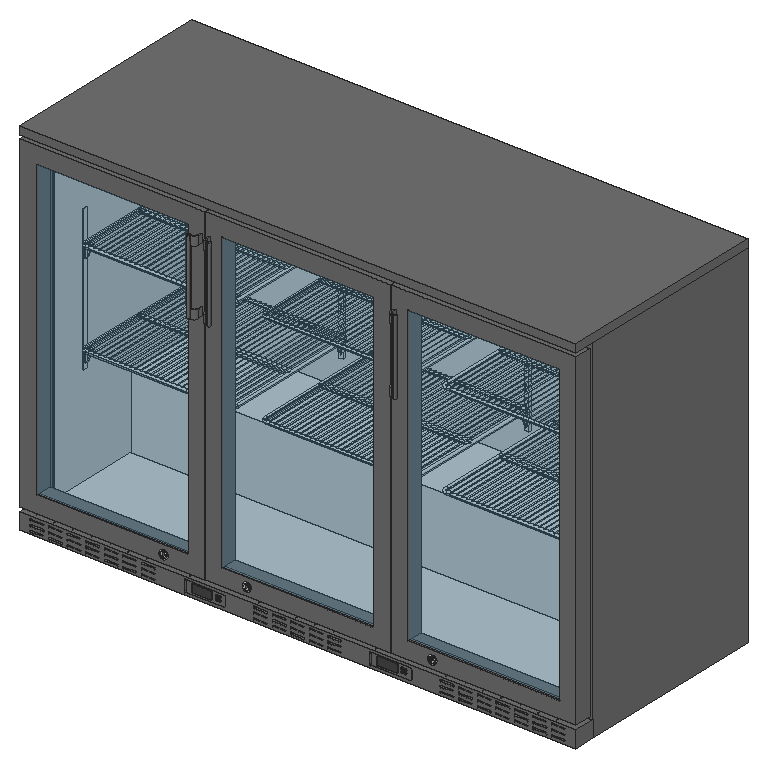
Revit family "QF_KOLDBOX_KBC3_240315015508", category Specialty Equipment, Revit 2021 (continued)
Definition of nested family "QF_KOLDBOX_KBC3_2861"
  Forms (mm)
    Extrusion 89, solid
      sketch origin (-409.25, -1663.773, -467.071) x (0, -1, 0) y (0, 0, 1)
        loop
          line (-1608.773, 812.071) -> (-1593.825, 844.071) -> (-1608.773, 844.071) -> (-1608.773, 812.071)
      from -1264.75 to -1262.75
    Extrusion 90, solid
      sketch origin (466.867, -50, -228.606) x (-1, 0, 0) y (0, 0, -1)
        loop
          line (-382.633, -605.606) -> (-382.633, -573.606) -> (-392.633, -573.606) -> (-392.633, -605.606) -> (-382.633, -605.606)
      from 0 to 5
    Sweep 91, solid
      path origin (487.141, -109.803, 607.382) x (1, 0, 0) y (0, 1, 0)
        loop
          arc (17.859, 55.803) -> (9.373, 52.288) -> (5.859, 43.803) r 12
          line (5.859, 43.803) -> (5.859, -278.83)
          arc (5.859, -278.83) -> (9.373, -287.316) -> (17.859, -290.83) r 12
          line (17.859, -290.83) -> (358.859, -290.83)
          arc (358.859, -290.83) -> (367.344, -287.316) -> (370.859, -278.83) r 12
          line (370.859, -278.83) -> (370.859, 43.803)
          arc (370.859, 43.803) -> (367.344, 52.288) -> (358.859, 55.803) r 12
          line (358.859, 55.803) -> (17.859, 55.803)
      profile origin (675.5, -54, 607.382) x (0, 1, 0) y (0, 0, 1)
        loop
          circle (0, 0) r 3.5
    Extrusion 92, solid
      sketch origin (485, -109.803, 607.382) x (1, 0, 0) y (0, 0, 1)
        loop
          circle (13.5, 4.5) r 1
        loop
          circle (26, 4.5) r 1
        loop
          circle (38.5, 4.5) r 1
        loop
          circle (51, 4.5) r 1
        loop
          circle (63.5, 4.5) r 1
        loop
          circle (76, 4.5) r 1
        loop
          circle (88.5, 4.5) r 1
        loop
          circle (101, 4.5) r 1
        loop
          circle (113.5, 4.5) r 1
        loop
          circle (126, 4.5) r 1
        loop
          circle (138.5, 4.5) r 1
        loop
          circle (151, 4.5) r 1
        loop
          circle (163.5, 4.5) r 1
        loop
          circle (176, 4.5) r 1
        loop
          circle (188.5, 4.5) r 1
        loop
          circle (201, 4.5) r 1
        loop
          circle (213.5, 4.5) r 1
        loop
          circle (226, 4.5) r 1
        loop
          circle (238.5, 4.5) r 1
        loop
          circle (251, 4.5) r 1
        loop
          circle (263.5, 4.5) r 1
        loop
          circle (276, 4.5) r 1
        loop
          circle (288.5, 4.5) r 1
        loop
          circle (301, 4.5) r 1
        loop
          circle (313.5, 4.5) r 1
        loop
          circle (326, 4.5) r 1
        loop
          circle (338.5, 4.5) r 1
        loop
          circle (351, 4.5) r 1
        loop
          circle (363.5, 4.5) r 1
      from -55.803 to 290.83
    Extrusion 93, solid
      sketch origin (493, -15.816, 607.382) x (0, 1, 0) y (0, 0, 1)
        loop
          circle (-211.5, 0) r 3.5
      from 0 to 365
    Sweep 94, solid
      path origin (487.141, -109.803, 379.382) x (1, 0, 0) y (0, 1, 0)
        loop
          arc (17.859, 55.803) -> (9.373, 52.288) -> (5.859, 43.803) r 12
          line (5.859, 43.803) -> (5.859, -278.83)
          arc (5.859, -278.83) -> (9.373, -287.316) -> (17.859, -290.83) r 12
          line (17.859, -290.83) -> (358.859, -290.83)
          arc (358.859, -290.83) -> (367.344, -287.316) -> (370.859, -278.83) r 12
          line (370.859, -278.83) -> (370.859, 43.803)
          arc (370.859, 43.803) -> (367.344, 52.288) -> (358.859, 55.803) r 12
          line (358.859, 55.803) -> (17.859, 55.803)
      profile origin (675.5, -54, 379.382) x (0, 1, 0) y (0, 0, 1)
        loop
          circle (0, 0) r 3.5
    Extrusion 95, solid
      sketch origin (493, -15.816, 379.382) x (0, 1, 0) y (0, 0, 1)
        loop
          circle (-211.5, 0) r 3.5
      from 0 to 365
    Extrusion 96, solid
      sketch origin (485, -109.803, 379.382) x (1, 0, 0) y (0, 0, 1)
        loop
          circle (13.5, 4.5) r 1
        loop
          circle (26, 4.5) r 1
        loop
          circle (38.5, 4.5) r 1
        loop
          circle (51, 4.5) r 1
        loop
          circle (63.5, 4.5) r 1
        loop
          circle (76, 4.5) r 1
        loop
          circle (88.5, 4.5) r 1
        loop
          circle (101, 4.5) r 1
        loop
          circle (113.5, 4.5) r 1
        loop
          circle (126, 4.5) r 1
        loop
          circle (138.5, 4.5) r 1
        loop
          circle (151, 4.5) r 1
        loop
          circle (163.5, 4.5) r 1
        loop
          circle (176, 4.5) r 1
        loop
          circle (188.5, 4.5) r 1
        loop
          circle (201, 4.5) r 1
        loop
          circle (213.5, 4.5) r 1
        loop
          circle (226, 4.5) r 1
        loop
          circle (238.5, 4.5) r 1
        loop
          circle (251, 4.5) r 1
        loop
          circle (263.5, 4.5) r 1
        loop
          circle (276, 4.5) r 1
        loop
          circle (288.5, 4.5) r 1
        loop
          circle (301, 4.5) r 1
        loop
          circle (313.5, 4.5) r 1
        loop
          circle (326, 4.5) r 1
        loop
          circle (338.5, 4.5) r 1
        loop
          circle (351, 4.5) r 1
        loop
          circle (363.5, 4.5) r 1
      from -55.803 to 290.83
    Extrusion 97, solid
      sketch origin (0, -480, 0) x (1, 0, 0) y (0, 0, 1)
        loop
          line (0, 60) -> (0, 20) -> (1350, 20) -> (1350, 60) -> (0, 60)
        loop
          arc (27.5, 55) -> (25, 52.5) -> (27.5, 50) r 2.5
          line (27.5, 50) -> (57.5, 50)
          arc (57.5, 50) -> (60, 52.5) -> (57.5, 55) r 2.5
          line (57.5, 55) -> (27.5, 55)
        loop
          line (27.5, 25) -> (57.5, 25)
          arc (57.5, 25) -> (60, 27.5) -> (57.5, 30) r 2.5
          line (57.5, 30) -> (27.5, 30)
          arc (27.5, 30) -> (25, 27.5) -> (27.5, 25) r 2.5
        loop
          line (27.5, 37.5) -> (57.5, 37.5)
          arc (57.5, 37.5) -> (60, 40) -> (57.5, 42.5) r 2.5
          line (57.5, 42.5) -> (27.5, 42.5)
          arc (27.5, 42.5) -> (25, 40) -> (27.5, 37.5) r 2.5
        loop
          arc (400, 28) -> (400.879, 25.879) -> (403, 25) r 3
          line (403, 25) -> (497, 25)
          arc (497, 25) -> (499.121, 25.879) -> (500, 28) r 3
          line (500, 28) -> (500, 52)
          arc (500, 52) -> (499.121, 54.121) -> (497, 55) r 3
          line (497, 55) -> (403, 55)
          arc (403, 55) -> (400.879, 54.121) -> (400, 52) r 3
          line (400, 52) -> (400, 28)
        loop
          arc (72.5, 55) -> (70, 52.5) -> (72.5, 50) r 2.5
          line (72.5, 50) -> (102.5, 50)
          arc (102.5, 50) -> (105, 52.5) -> (102.5, 55) r 2.5
          line (102.5, 55) -> (72.5, 55)
        loop
          line (72.5, 25) -> (102.5, 25)
          arc (102.5, 25) -> (105, 27.5) -> (102.5, 30) r 2.5
          line (102.5, 30) -> (72.5, 30)
          arc (72.5, 30) -> (70, 27.5) -> (72.5, 25) r 2.5
        loop
          line (72.5, 37.5) -> (102.5, 37.5)
          arc (102.5, 37.5) -> (105, 40) -> (102.5, 42.5) r 2.5
          line (102.5, 42.5) -> (72.5, 42.5)
          arc (72.5, 42.5) -> (70, 40) -> (72.5, 37.5) r 2.5
        loop
          arc (117.5, 55) -> (115, 52.5) -> (117.5, 50) r 2.5
          line (117.5, 50) -> (147.5, 50)
          arc (147.5, 50) -> (150, 52.5) -> (147.5, 55) r 2.5
          line (147.5, 55) -> (117.5, 55)
        loop
          line (117.5, 25) -> (147.5, 25)
          arc (147.5, 25) -> (150, 27.5) -> (147.5, 30) r 2.5
          line (147.5, 30) -> (117.5, 30)
          arc (117.5, 30) -> (115, 27.5) -> (117.5, 25) r 2.5
        loop
          line (117.5, 37.5) -> (147.5, 37.5)
          arc (147.5, 37.5) -> (150, 40) -> (147.5, 42.5) r 2.5
          line (147.5, 42.5) -> (117.5, 42.5)
          arc (117.5, 42.5) -> (115, 40) -> (117.5, 37.5) r 2.5
        loop
          arc (162.5, 55) -> (160, 52.5) -> (162.5, 50) r 2.5
          line (162.5, 50) -> (192.5, 50)
          arc (192.5, 50) -> (195, 52.5) -> (192.5, 55) r 2.5
          line (192.5, 55) -> (162.5, 55)
        loop
          line (162.5, 25) -> (192.5, 25)
          arc (192.5, 25) -> (195, 27.5) -> (192.5, 30) r 2.5
          line (192.5, 30) -> (162.5, 30)
          arc (162.5, 30) -> (160, 27.5) -> (162.5, 25) r 2.5
        loop
          line (162.5, 37.5) -> (192.5, 37.5)
          arc (192.5, 37.5) -> (195, 40) -> (192.5, 42.5) r 2.5
          line (192.5, 42.5) -> (162.5, 42.5)
          arc (162.5, 42.5) -> (160, 40) -> (162.5, 37.5) r 2.5
        loop
          arc (850, 28) -> (850.879, 25.879) -> (853, 25) r 3
          line (853, 25) -> (947, 25)
          arc (947, 25) -> (949.121, 25.879) -> (950, 28) r 3
          line (950, 28) -> (950, 52)
          arc (950, 52) -> (949.121, 54.121) -> (947, 55) r 3
          line (947, 55) -> (853, 55)
          arc (853, 55) -> (850.879, 54.121) -> (850, 52) r 3
          line (850, 52) -> (850, 28)
        loop
          arc (207.5, 55) -> (205, 52.5) -> (207.5, 50) r 2.5
          line (207.5, 50) -> (237.5, 50)
          arc (237.5, 50) -> (240, 52.5) -> (237.5, 55) r 2.5
          line (237.5, 55) -> (207.5, 55)
        loop
          line (207.5, 25) -> (237.5, 25)
          arc (237.5, 25) -> (240, 27.5) -> (237.5, 30) r 2.5
          line (237.5, 30) -> (207.5, 30)
          arc (207.5, 30) -> (205, 27.5) -> (207.5, 25) r 2.5
        loop
          line (207.5, 37.5) -> (237.5, 37.5)
          arc (237.5, 37.5) -> (240, 40) -> (237.5, 42.5) r 2.5
          line (237.5, 42.5) -> (207.5, 42.5)
          arc (207.5, 42.5) -> (205, 40) -> (207.5, 37.5) r 2.5
        loop
          arc (252.5, 55) -> (250, 52.5) -> (252.5, 50) r 2.5
          line (252.5, 50) -> (282.5, 50)
          arc (282.5, 50) -> (285, 52.5) -> (282.5, 55) r 2.5
          line (282.5, 55) -> (252.5, 55)
        loop
          line (252.5, 25) -> (282.5, 25)
          arc (282.5, 25) -> (285, 27.5) -> (282.5, 30) r 2.5
          line (282.5, 30) -> (252.5, 30)
          arc (252.5, 30) -> (250, 27.5) -> (252.5, 25) r 2.5
        loop
          line (252.5, 37.5) -> (282.5, 37.5)
          arc (282.5, 37.5) -> (285, 40) -> (282.5, 42.5) r 2.5
          line (282.5, 42.5) -> (252.5, 42.5)
          arc (252.5, 42.5) -> (250, 40) -> (252.5, 37.5) r 2.5
        loop
          arc (297.5, 55) -> (295, 52.5) -> (297.5, 50) r 2.5
          line (297.5, 50) -> (327.5, 50)
          arc (327.5, 50) -> (330, 52.5) -> (327.5, 55) r 2.5
          line (327.5, 55) -> (297.5, 55)
        loop
          line (297.5, 25) -> (327.5, 25)
          arc (327.5, 25) -> (330, 27.5) -> (327.5, 30) r 2.5
          line (327.5, 30) -> (297.5, 30)
          arc (297.5, 30) -> (295, 27.5) -> (297.5, 25) r 2.5
        loop
          line (297.5, 37.5) -> (327.5, 37.5)
          arc (327.5, 37.5) -> (330, 40) -> (327.5, 42.5) r 2.5
          line (327.5, 42.5) -> (297.5, 42.5)
          arc (297.5, 42.5) -> (295, 40) -> (297.5, 37.5) r 2.5
        loop
          line (1322.5, 55) -> (1292.5, 55)
          arc (1292.5, 55) -> (1290, 52.5) -> (1292.5, 50) r 2.5
          line (1292.5, 50) -> (1322.5, 50)
          arc (1322.5, 50) -> (1325, 52.5) -> (1322.5, 55) r 2.5
        loop
          arc (1322.5, 25) -> (1325, 27.5) -> (1322.5, 30) r 2.5
          line (1322.5, 30) -> (1292.5, 30)
          arc (1292.5, 30) -> (1290, 27.5) -> (1292.5, 25) r 2.5
          line (1292.5, 25) -> (1322.5, 25)
        loop
          arc (1322.5, 37.5) -> (1325, 40) -> (1322.5, 42.5) r 2.5
          line (1322.5, 42.5) -> (1292.5, 42.5)
          arc (1292.5, 42.5) -> (1290, 40) -> (1292.5, 37.5) r 2.5
          line (1292.5, 37.5) -> (1322.5, 37.5)
        loop
          line (1277.5, 55) -> (1247.5, 55)
          arc (1247.5, 55) -> (1245, 52.5) -> (1247.5, 50) r 2.5
          line (1247.5, 50) -> (1277.5, 50)
          arc (1277.5, 50) -> (1280, 52.5) -> (1277.5, 55) r 2.5
        loop
          arc (1277.5, 25) -> (1280, 27.5) -> (1277.5, 30) r 2.5
          line (1277.5, 30) -> (1247.5, 30)
          arc (1247.5, 30) -> (1245, 27.5) -> (1247.5, 25) r 2.5
          line (1247.5, 25) -> (1277.5, 25)
        loop
          arc (1277.5, 37.5) -> (1280, 40) -> (1277.5, 42.5) r 2.5
          line (1277.5, 42.5) -> (1247.5, 42.5)
          arc (1247.5, 42.5) -> (1245, 40) -> (1247.5, 37.5) r 2.5
          line (1247.5, 37.5) -> (1277.5, 37.5)
        loop
          line (1232.5, 55) -> (1202.5, 55)
          arc (1202.5, 55) -> (1200, 52.5) -> (1202.5, 50) r 2.5
          line (1202.5, 50) -> (1232.5, 50)
          arc (1232.5, 50) -> (1235, 52.5) -> (1232.5, 55) r 2.5
        loop
          arc (1232.5, 25) -> (1235, 27.5) -> (1232.5, 30) r 2.5
          line (1232.5, 30) -> (1202.5, 30)
          arc (1202.5, 30) -> (1200, 27.5) -> (1202.5, 25) r 2.5
          line (1202.5, 25) -> (1232.5, 25)
        loop
          arc (1232.5, 37.5) -> (1235, 40) -> (1232.5, 42.5) r 2.5
          line (1232.5, 42.5) -> (1202.5, 42.5)
          arc (1202.5, 42.5) -> (1200, 40) -> (1202.5, 37.5) r 2.5
          line (1202.5, 37.5) -> (1232.5, 37.5)
        loop
          line (1187.5, 55) -> (1157.5, 55)
          arc (1157.5, 55) -> (1155, 52.5) -> (1157.5, 50) r 2.5
          line (1157.5, 50) -> (1187.5, 50)
          arc (1187.5, 50) -> (1190, 52.5) -> (1187.5, 55) r 2.5
        loop
          arc (1187.5, 25) -> (1190, 27.5) -> (1187.5, 30) r 2.5
          line (1187.5, 30) -> (1157.5, 30)
          arc (1157.5, 30) -> (1155, 27.5) -> (1157.5, 25) r 2.5
          line (1157.5, 25) -> (1187.5, 25)
        loop
          arc (1187.5, 37.5) -> (1190, 40) -> (1187.5, 42.5) r 2.5
          line (1187.5, 42.5) -> (1157.5, 42.5)
          arc (1157.5, 42.5) -> (1155, 40) -> (1157.5, 37.5) r 2.5
          line (1157.5, 37.5) -> (1187.5, 37.5)
        loop
          line (1142.5, 55) -> (1112.5, 55)
          arc (1112.5, 55) -> (1110, 52.5) -> (1112.5, 50) r 2.5
          line (1112.5, 50) -> (1142.5, 50)
          arc (1142.5, 50) -> (1145, 52.5) -> (1142.5, 55) r 2.5
        loop
          arc (1142.5, 25) -> (1145, 27.5) -> (1142.5, 30) r 2.5
          line (1142.5, 30) -> (1112.5, 30)
          arc (1112.5, 30) -> (1110, 27.5) -> (1112.5, 25) r 2.5
          line (1112.5, 25) -> (1142.5, 25)
        loop
          arc (1142.5, 37.5) -> (1145, 40) -> (1142.5, 42.5) r 2.5
          line (1142.5, 42.5) -> (1112.5, 42.5)
          arc (1112.5, 42.5) -> (1110, 40) -> (1112.5, 37.5) r 2.5
          line (1112.5, 37.5) -> (1142.5, 37.5)
        loop
          line (1097.5, 55) -> (1067.5, 55)
          arc (1067.5, 55) -> (1065, 52.5) -> (1067.5, 50) r 2.5
          line (1067.5, 50) -> (1097.5, 50)
          arc (1097.5, 50) -> (1100, 52.5) -> (1097.5, 55) r 2.5
        loop
          arc (1097.5, 25) -> (1100, 27.5) -> (1097.5, 30) r 2.5
          line (1097.5, 30) -> (1067.5, 30)
          arc (1067.5, 30) -> (1065, 27.5) -> (1067.5, 25) r 2.5
          line (1067.5, 25) -> (1097.5, 25)
        loop
          arc (1097.5, 37.5) -> (1100, 40) -> (1097.5, 42.5) r 2.5
          line (1097.5, 42.5) -> (1067.5, 42.5)
          arc (1067.5, 42.5) -> (1065, 40) -> (1067.5, 37.5) r 2.5
          line (1067.5, 37.5) -> (1097.5, 37.5)
        loop
          line (1052.5, 55) -> (1022.5, 55)
          arc (1022.5, 55) -> (1020, 52.5) -> (1022.5, 50) r 2.5
          line (1022.5, 50) -> (1052.5, 50)
          arc (1052.5, 50) -> (1055, 52.5) -> (1052.5, 55) r 2.5
        loop
          arc (1052.5, 25) -> (1055, 27.5) -> (1052.5, 30) r 2.5
          line (1052.5, 30) -> (1022.5, 30)
          arc (1022.5, 30) -> (1020, 27.5) -> (1022.5, 25) r 2.5
          line (1022.5, 25) -> (1052.5, 25)
        loop
          arc (1052.5, 37.5) -> (1055, 40) -> (1052.5, 42.5) r 2.5
          line (1052.5, 42.5) -> (1022.5, 42.5)
          arc (1022.5, 42.5) -> (1020, 40) -> (1022.5, 37.5) r 2.5
          line (1022.5, 37.5) -> (1052.5, 37.5)
        loop
          line (780, 55) -> (750, 55)
          arc (750, 55) -> (747.5, 52.5) -> (750, 50) r 2.5
          line (750, 50) -> (780, 50)
          arc (780, 50) -> (782.5, 52.5) -> (780, 55) r 2.5
        loop
          arc (780, 25) -> (782.5, 27.5) -> (780, 30) r 2.5
          line (780, 30) -> (750, 30)
          arc (750, 30) -> (747.5, 27.5) -> (750, 25) r 2.5
          line (750, 25) -> (780, 25)
        loop
          arc (780, 37.5) -> (782.5, 40) -> (780, 42.5) r 2.5
          line (780, 42.5) -> (750, 42.5)
          arc (750, 42.5) -> (747.5, 40) -> (750, 37.5) r 2.5
          line (750, 37.5) -> (780, 37.5)
        loop
          line (735, 55) -> (705, 55)
          arc (705, 55) -> (702.5, 52.5) -> (705, 50) r 2.5
          line (705, 50) -> (735, 50)
          arc (735, 50) -> (737.5, 52.5) -> (735, 55) r 2.5
        loop
          arc (735, 25) -> (737.5, 27.5) -> (735, 30) r 2.5
          line (735, 30) -> (705, 30)
          arc (705, 30) -> (702.5, 27.5) -> (705, 25) r 2.5
          line (705, 25) -> (735, 25)
        loop
          arc (735, 37.5) -> (737.5, 40) -> (735, 42.5) r 2.5
          line (735, 42.5) -> (705, 42.5)
          arc (705, 42.5) -> (702.5, 40) -> (705, 37.5) r 2.5
          line (705, 37.5) -> (735, 37.5)
        loop
          line (690, 55) -> (660, 55)
          arc (660, 55) -> (657.5, 52.5) -> (660, 50) r 2.5
          line (660, 50) -> (690, 50)
          arc (690, 50) -> (692.5, 52.5) -> (690, 55) r 2.5
        loop
          arc (690, 25) -> (692.5, 27.5) -> (690, 30) r 2.5
          line (690, 30) -> (660, 30)
          arc (660, 30) -> (657.5, 27.5) -> (660, 25) r 2.5
          line (660, 25) -> (690, 25)
        loop
          arc (690, 37.5) -> (692.5, 40) -> (690, 42.5) r 2.5
          line (690, 42.5) -> (660, 42.5)
          arc (660, 42.5) -> (657.5, 40) -> (660, 37.5) r 2.5
          line (660, 37.5) -> (690, 37.5)
        loop
          line (645, 55) -> (615, 55)
          arc (615, 55) -> (612.5, 52.5) -> (615, 50) r 2.5
          line (615, 50) -> (645, 50)
          arc (645, 50) -> (647.5, 52.5) -> (645, 55) r 2.5
        loop
          arc (645, 25) -> (647.5, 27.5) -> (645, 30) r 2.5
          line (645, 30) -> (615, 30)
          arc (615, 30) -> (612.5, 27.5) -> (615, 25) r 2.5
          line (615, 25) -> (645, 25)
        loop
          arc (645, 37.5) -> (647.5, 40) -> (645, 42.5) r 2.5
          line (645, 42.5) -> (615, 42.5)
          arc (615, 42.5) -> (612.5, 40) -> (615, 37.5) r 2.5
          line (615, 37.5) -> (645, 37.5)
        loop
          line (600, 55) -> (570, 55)
          arc (570, 55) -> (567.5, 52.5) -> (570, 50) r 2.5
          line (570, 50) -> (600, 50)
          arc (600, 50) -> (602.5, 52.5) -> (600, 55) r 2.5
        loop
          arc (600, 25) -> (602.5, 27.5) -> (600, 30) r 2.5
          line (600, 30) -> (570, 30)
          arc (570, 30) -> (567.5, 27.5) -> (570, 25) r 2.5
          line (570, 25) -> (600, 25)
        loop
          arc (600, 37.5) -> (602.5, 40) -> (600, 42.5) r 2.5
          line (600, 42.5) -> (570, 42.5)
          arc (570, 42.5) -> (567.5, 40) -> (570, 37.5) r 2.5
          line (570, 37.5) -> (600, 37.5)
      from -10 to 40
    Extrusion 98, solid
      sketch origin (150, -471, 0) x (1, 0, 0) y (0, 0, 1)
        loop
          arc (250, 28) -> (250.879, 25.879) -> (253, 25) r 3
          line (253, 25) -> (347, 25)
          arc (347, 25) -> (349.121, 25.879) -> (350, 28) r 3
          line (350, 28) -> (350, 52)
          arc (350, 52) -> (349.121, 54.121) -> (347, 55) r 3
          line (347, 55) -> (253, 55)
          arc (253, 55) -> (250.879, 54.121) -> (250, 52) r 3
          line (250, 52) -> (250, 28)
      from -1 to 45
    Extrusion 99, solid
      sketch origin (170, -516, 0) x (1, 0, 0) y (0, 0, 1)
        loop
          arc (230, 28) -> (230.879, 25.879) -> (233, 25) r 3
          line (233, 25) -> (327, 25)
          arc (327, 25) -> (329.121, 25.879) -> (330, 28) r 3
          line (330, 28) -> (330, 52)
          arc (330, 52) -> (329.121, 54.121) -> (327, 55) r 3
          line (327, 55) -> (233, 55)
          arc (233, 55) -> (230.879, 54.121) -> (230, 52) r 3
          line (230, 52) -> (230, 28)
        loop
          circle (313.728, 36.25) r 2.5
        loop
          circle (306.228, 43.75) r 2.5
        loop
          line (295, 33) -> (295, 47)
          arc (295, 47) -> (294.121, 49.121) -> (292, 50) r 3
          line (292, 50) -> (248, 50)
          arc (248, 50) -> (245.879, 49.121) -> (245, 47) r 3
          line (245, 47) -> (245, 33)
          arc (245, 33) -> (245.879, 30.879) -> (248, 30) r 3
          line (248, 30) -> (292, 30)
          arc (292, 30) -> (294.121, 30.879) -> (295, 33) r 3
        loop
          circle (313.728, 43.75) r 2.5
        loop
          circle (306.228, 36.25) r 2.5
      from 0 to 2
    Extrusion 100, solid
      sketch origin (177.5, -516, 0) x (1, 0, 0) y (0, 0, 1)
        loop
          circle (306.228, 43.75) r 2.5
      from 0 to 2
    Extrusion 101, solid
      sketch origin (170, -516, -7.5) x (1, 0, 0) y (0, 0, 1)
        loop
          circle (306.228, 43.75) r 2.5
      from 0 to 2
    Extrusion 102, solid
      sketch origin (131.065, -516, 0) x (1, 0, 0) y (0, 0, 1)
        loop
          arc (286.935, 50) -> (284.813, 49.121) -> (283.935, 47) r 3
          line (283.935, 47) -> (283.935, 33)
          arc (283.935, 33) -> (284.813, 30.879) -> (286.935, 30) r 3
          line (286.935, 30) -> (330.935, 30)
          arc (330.935, 30) -> (333.056, 30.879) -> (333.935, 33) r 3
          line (333.935, 33) -> (333.935, 47)
          arc (333.935, 47) -> (333.056, 49.121) -> (330.935, 50) r 3
          line (330.935, 50) -> (286.935, 50)
      from 0 to 2
    Extrusion 103, solid
      sketch origin (170, -516, 0) x (1, 0, 0) y (0, 0, 1)
        loop
          circle (306.228, 43.75) r 2.5
      from 0 to 2
    Extrusion 104, solid
      sketch origin (177.5, -516, -7.5) x (1, 0, 0) y (0, 0, 1)
        loop
          circle (306.228, 43.75) r 2.5
      from 0 to 2
    Extrusion 105, solid
      sketch origin (600, -471, 0) x (1, 0, 0) y (0, 0, 1)
        loop
          arc (250, 28) -> (250.879, 25.879) -> (253, 25) r 3
          line (253, 25) -> (347, 25)
          arc (347, 25) -> (349.121, 25.879) -> (350, 28) r 3
          line (350, 28) -> (350, 52)
          arc (350, 52) -> (349.121, 54.121) -> (347, 55) r 3
          line (347, 55) -> (253, 55)
          arc (253, 55) -> (250.879, 54.121) -> (250, 52) r 3
          line (250, 52) -> (250, 28)
      from -1 to 45
    Extrusion 106, solid
      sketch origin (620, -516, 0) x (1, 0, 0) y (0, 0, 1)
        loop
          arc (230, 28) -> (230.879, 25.879) -> (233, 25) r 3
          line (233, 25) -> (327, 25)
          arc (327, 25) -> (329.121, 25.879) -> (330, 28) r 3
          line (330, 28) -> (330, 52)
          arc (330, 52) -> (329.121, 54.121) -> (327, 55) r 3
          line (327, 55) -> (233, 55)
          arc (233, 55) -> (230.879, 54.121) -> (230, 52) r 3
          line (230, 52) -> (230, 28)
        loop
          circle (313.728, 36.25) r 2.5
        loop
          circle (306.228, 43.75) r 2.5
        loop
          line (295, 33) -> (295, 47)
          arc (295, 47) -> (294.121, 49.121) -> (292, 50) r 3
          line (292, 50) -> (248, 50)
          arc (248, 50) -> (245.879, 49.121) -> (245, 47) r 3
          line (245, 47) -> (245, 33)
          arc (245, 33) -> (245.879, 30.879) -> (248, 30) r 3
          line (248, 30) -> (292, 30)
          arc (292, 30) -> (294.121, 30.879) -> (295, 33) r 3
        loop
          circle (313.728, 43.75) r 2.5
        loop
          circle (306.228, 36.25) r 2.5
      from 0 to 2
    Extrusion 107, solid
      sketch origin (627.5, -516, 0) x (1, 0, 0) y (0, 0, 1)
        loop
          circle (306.228, 43.75) r 2.5
      from 0 to 2
    Extrusion 108, solid
      sketch origin (620, -516, -7.5) x (1, 0, 0) y (0, 0, 1)
        loop
          circle (306.228, 43.75) r 2.5
      from 0 to 2
    Extrusion 109, solid
      sketch origin (581.065, -516, 0) x (1, 0, 0) y (0, 0, 1)
        loop
          arc (286.935, 50) -> (284.813, 49.121) -> (283.935, 47) r 3
          line (283.935, 47) -> (283.935, 33)
          arc (283.935, 33) -> (284.813, 30.879) -> (286.935, 30) r 3
          line (286.935, 30) -> (330.935, 30)
          arc (330.935, 30) -> (333.056, 30.879) -> (333.935, 33) r 3
          line (333.935, 33) -> (333.935, 47)
          arc (333.935, 47) -> (333.056, 49.121) -> (330.935, 50) r 3
          line (330.935, 50) -> (286.935, 50)
      from 0 to 2
    Extrusion 110, solid
      sketch origin (620, -516, 0) x (1, 0, 0) y (0, 0, 1)
        loop
          circle (306.228, 43.75) r 2.5
      from 0 to 2
    Extrusion 111, solid
      sketch origin (627.5, -516, -7.5) x (1, 0, 0) y (0, 0, 1)
        loop
          circle (306.228, 43.75) r 2.5
      from 0 to 2
  Cuts and joins
    joined: Extrusion 1, Extrusion 12
  Lines and regions (mm)
    symbolic lines
      curve 1: line (0, 0, 0) -> (1350, 0, 0)
      curve 2: line (0, -520, 0) -> (0, 0, 0)
      curve 3: line (1350, -520, 0) -> (0, -520, 0)
      curve 4: line (1350, 0, 0) -> (1350, -520, 0)
      curve 5: line (0, -480, 0) -> (1350, -480, 0)
      curve 6: line (461, -530, 0) -> (461, -520, 0)
      curve 7: line (458, -520, 0) -> (458, -530, 0)
      curve 8: arc (458, -530, 0) -> (461.107, -537.5, 0) -> (468.607, -540.607, 0) r 10.607
      curve 9: arc (468.607, -537.607, 0) -> (463.228, -535.379, 0) -> (461, -530, 0) r 7.607
      curve 10: arc (472.579, -540.607, 0) -> (478.177, -539.107, 0) -> (472.579, -537.607, 0) r 3
      curve 11: line (472.579, -537.607, 0) -> (468.607, -537.607, 0)
      curve 12: line (468.607, -540.607, 0) -> (472.579, -540.607, 0)
      curve 13: line (438.5, -530, 0) -> (438.5, -520, 0)
      curve 14: line (441.5, -520, 0) -> (441.5, -530, 0)
      curve 15: arc (441.5, -530, 0) -> (438.393, -537.5, 0) -> (430.893, -540.607, 0) r 10.607
      curve 16: arc (430.893, -537.607, 0) -> (436.272, -535.379, 0) -> (438.5, -530, 0) r 7.607
      curve 17: arc (426.921, -540.607, 0) -> (421.323, -539.107, 0) -> (426.921, -537.607, 0) r 3
      curve 18: line (426.921, -537.607, 0) -> (430.893, -537.607, 0)
      curve 19: line (430.893, -540.607, 0) -> (426.921, -540.607, 0)
      curve 23: line (911.5, -530, 0) -> (911.5, -520, 0)
      curve 24: line (908.5, -520, 0) -> (908.5, -530, 0)
      curve 25: arc (908.5, -530, 0) -> (911.607, -537.5, 0) -> (919.107, -540.607, 0) r 10.607
      curve 26: arc (919.107, -537.607, 0) -> (913.728, -535.379, 0) -> (911.5, -530, 0) r 7.607
      curve 27: arc (923.079, -540.607, 0) -> (928.677, -539.107, 0) -> (923.079, -537.607, 0) r 3
      curve 28: line (923.079, -537.607, 0) -> (919.107, -537.607, 0)
      curve 29: line (919.107, -540.607, 0) -> (923.079, -540.607, 0)
    symbolic lines, visible <- "Show Clearances"
      curve 20: line (1350, -969, 0) -> (1350, -520, 0)
      curve 21: line (0, -520, 0) -> (0, -969, 0)
      curve 22: arc (0, -969, 0) -> (317.491, -837.491, 0) -> (449, -520, 0) r 449
      curve 30: arc (1350, -969, 0) -> (1032.509, -837.491, 0) -> (901, -520, 0) r 449
      curve 31: line (899.5, -969, 0) -> (899.5, -520, 0)
      curve 32: arc (899.5, -969, 0) -> (582.009, -837.491, 0) -> (450.5, -520, 0) r 449
  Dimensions and locks
    plane 3 "Left" to plane 4 "Right" = 1350 mm
    plane 5 "Front" to plane 1 "Back" = 520 mm
    plane 6 "Top" to level = 900 mm  (x2)
    plane 1 "Back" to plane 5 "Front" = 520 mm
    plane 4 "Right" to plane 3 "Left" = 1350 mm
    aligned and locked: level to plane 2
Definition of nested family "CONN_POINT_ELE_2D___Generic_Annotation"
  Parameters (values of type "CONN_POINT_ELE_2D___Generic_Annotation")
    Onboard connection annotation symbol visibility [instance] = yes
  Reference planes
    plane 1: y = 0
    plane 2: x = 0
  Lines and regions (mm)
    detail lines, visible <- "Onboard connection annotation symbol visibility"
      curve 1: circle (0, 0, 0) r 0.5 normal (0, 0, 1)
      curve 2: line (-1, 0, 0) -> (1, 0, 0)
      curve 3: line (0, 1, 0) -> (0, -1, 0)
      curve 4: line (2.5, 1, 0) -> (1.25, 1, 0)
      curve 5: line (1.25, 1, 0) -> (1.25, -1, 0)
      curve 6: line (1.25, -1, 0) -> (2.5, -1, 0)
      curve 7: line (1.25, 0, 0) -> (2, 0, 0)
